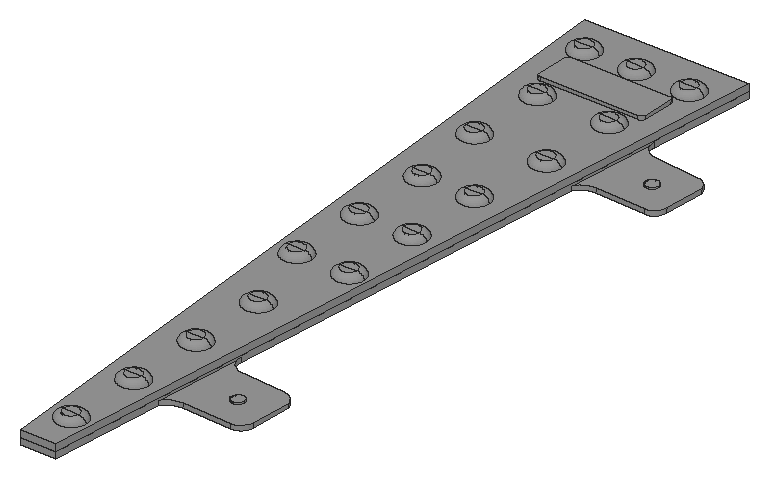
Revit family "Detectable-Warning-Surfaces_Cast-Iron-Dome-Tapered-Wedge-R15-5X24_ADA-Solutions", category Generic Models, host Floor, Revit 2026
Family settings
  Host = Floor
  Can host rebar = No
  Round Connector Dimension = Use Diameter
  Part Type = Normal
  Always vertical = Yes
  Cut with Voids When Loaded = No
  Maintain Annotation Orientation = No
  Shared = No
  Room Calculation Point = No
Parameters (values of type "ADA Yellow")
  Width = 24"
  URL = "https://adatile.com/"
  Specification = ""
  Product Page URL = "https://www.arcat.com/arcatcos/cos41/arc41776.html"
  Model = "Iron Dome Cast Iron"
  Manufacturer = "ADA Solutions"
  Length = 5"
  Keynote = "09 33 00"
  Default Elevation = 0"
  Copyright = "ARCAT"
  Color = ADA Yellow
  CAD Details = ""
Types (9): name | Color
  ADA Dark Gray | ADA Dark Gray
  ADA Black | ADA Black
  ADA Blue | ADA Blue
  ADA Yellow | ADA Yellow
  ADA Seattle Yellow | ADA Seattle Yellow
  ADA Safety Red | ADA Safety Red
  ADA White | ADA White
  ADA Clay Red | ADA Clay Red
  ADA Brick Red | ADA Brick Red
Reference planes (in)
  plane 1 "Center (Front/Back)": y = 0
  plane 2: z = 0
  plane 3 "Center (Left/Right)": x = 0
  plane 4: x = -2.5
  plane 5: y = 12
  plane 6: x = 2.5
  plane 7: y = -12
Forms (in)
  Extrusion 1, solid, material "ADA Yellow" <- "Color"
    sketch origin (0, 0, 0) x (1, 0, 0) y (0, 1, 0)
      loop
        line (-2.5, 12) -> (-0.53746, -12) -> (0.53746, -12) -> (2.5, 12) -> (-2.5, 12)
    from 0 to 0.2
  Extrusion 2, solid, material "ADA Yellow" <- "Color"
    sketch origin (0, 0, 0.2) x (1, 0, 0) y (0, 1, 0)
      loop
        line (-2.5, 12) -> (-0.53746, -12) -> (0.53746, -12) -> (2.5, 12) -> (-2.5, 12)
    from 0 to 0.2
  Blend 3, solid, material "ADA Yellow" <- "Color", not visible
    base sketch origin (12.54943, -13.50875, 0.37994) x (0.873976, 0.485969, 0) y (-0.485969, 0.873976, 0)
      loop
        circle (-13.84615, 10.8) r 0.45206
    top sketch origin (12.54943, -13.50875, 0.37994) x (0.873976, 0.485969, 0) y (-0.485969, 0.873976, 0)
      loop
        circle (-13.84615, 10.8) r 0.225
    from 0 to 0.19922
  Extrusion 4, solid, material "ADA Yellow" <- "Color"
    sketch origin (0, 0, 0) x (1, 0, 0) y (0, 1, 0)
      loop
        line (2.23359, 8.74202) -> (1.99758, 5.85591)
        arc (1.99758, 5.85591) -> (2.22301, 6.08133) -> (2.53363, 6.15304) r 0.57829
        line (2.53363, 6.15304) -> (4.06605, 6.07273)
        arc (4.06605, 6.07273) -> (4.33718, 6.18504) -> (4.44949, 6.45618) r 0.38344
        line (4.44949, 6.45618) -> (4.51491, 7.70446)
        arc (4.51491, 7.70446) -> (4.35482, 7.95576) -> (4.07954, 8.06979) r 0.49544
        line (4.07954, 8.06979) -> (2.58524, 8.20052)
        arc (2.58524, 8.20052) -> (2.32007, 8.41325) -> (2.23359, 8.74202) r 0.54243
      loop
        line (1.06265, -5.57746) -> (0.82664, -8.46358)
        arc (0.82664, -8.46358) -> (1.05207, -8.23816) -> (1.36269, -8.16645) r 0.57829
        line (1.36269, -8.16645) -> (2.89511, -8.24676)
        arc (2.89511, -8.24676) -> (3.16625, -8.13445) -> (3.27855, -7.86331) r 0.38344
        line (3.27855, -7.86331) -> (3.34397, -6.61502)
        arc (3.34397, -6.61502) -> (3.18388, -6.36373) -> (2.9086, -6.2497) r 0.49544
        line (2.9086, -6.2497) -> (1.41431, -6.11897)
        arc (1.41431, -6.11897) -> (1.14913, -5.90624) -> (1.06265, -5.57746) r 0.54243
    from 0 to 0.13
  Extrusion 5, void
    sketch origin (0, 0, 0) x (1, 0, 0) y (0, 1, 0)
      loop
        circle (3.45855, 7.12355) r 0.18478
      loop
        circle (2.28933, -7.23153) r 0.18478
    from 0 to 0.13
  Extrusion 6, solid, material "ADA Yellow" <- "Color"
    sketch origin (0, 0, 0) x (1, 0, 0) y (0, 1, 0)
      loop
        arc (-1.47861, 10.22764) -> (-1.56607, 10.19581) -> (-1.6126, 10.11521) r 0.13605
        line (-1.6126, 10.11521) -> (-1.6126, 9.14445)
        arc (-1.6126, 9.14445) -> (-1.56607, 9.06385) -> (-1.47861, 9.03202) r 0.13605
        line (-1.47861, 9.03202) -> (1.50986, 9.03202)
        arc (1.50986, 9.03202) -> (1.59732, 9.06385) -> (1.64385, 9.14445) r 0.13605
        line (1.64385, 9.14445) -> (1.64385, 10.11521)
        arc (1.64385, 10.11521) -> (1.59732, 10.19581) -> (1.50986, 10.22764) r 0.13605
        line (1.50986, 10.22764) -> (-1.47861, 10.22764)
    from 0.49419 to 0.4
  Extrusion 7, solid, material "ADA Yellow" <- "Color"
    sketch origin (7.17435, 0.23933, 0) x (1, 0, 0) y (0, 1, 0)
      loop
        circle (-3.71499, 6.88303) r 0.19866
      loop
        circle (-4.88538, -7.47198) r 0.19866
    from 0 to 0.15084
  Revolve 8, solid, material "ADA Yellow" <- "Color"
    sketch origin (0.47727, 10.83525, -4.79798) x (1, 0, 0) y (0, 0, 1)
      loop
        line (1.14124, 5.37478) -> (0.89322, 5.37478)
        arc (0.89322, 5.37478) -> (0.75575, 5.31212) -> (0.68625, 5.17798) r 0.23136
        line (0.68625, 5.17798) -> (1.14124, 5.17798) -> (1.14124, 5.37478)
      axis (1.14124, 5.37478) -> (1.14124, 5.17798)
    angle from 0 to 360
  Revolve 9, solid, material "ADA Yellow" <- "Color", not visible
    sketch origin (19.20141, 1.19882, 0) x (1, 0, 0) y (0, 0, 1)
      loop
        line (1.14124, 5.37478) -> (0.89322, 5.37478)
        arc (0.89322, 5.37478) -> (0.75575, 5.31212) -> (0.68625, 5.17798) r 0.23136
        line (0.68625, 5.17798) -> (1.14124, 5.17798) -> (1.14124, 5.37478)
      axis (1.14124, 5.37478) -> (1.14124, 5.17798)
    angle from 0 to 360
  Revolve 10, solid, material "ADA Yellow" <- "Color"
    sketch origin (-1.14124, 10.83525, -4.79798) x (1, 0, 0) y (0, 0, 1)
      loop
        line (1.14124, 5.37478) -> (0.89322, 5.37478)
        arc (0.89322, 5.37478) -> (0.75575, 5.31212) -> (0.68625, 5.17798) r 0.23136
        line (0.68625, 5.17798) -> (1.14124, 5.17798) -> (1.14124, 5.37478)
      axis (1.14124, 5.37478) -> (1.14124, 5.17798)
    angle from 0 to 360
  Revolve 11, solid, material "ADA Yellow" <- "Color"
    sketch origin (-2.71995, 10.83525, -4.79798) x (1, 0, 0) y (0, 0, 1)
      loop
        line (1.14124, 5.37478) -> (0.89322, 5.37478)
        arc (0.89322, 5.37478) -> (0.75575, 5.31212) -> (0.68625, 5.17798) r 0.23136
        line (0.68625, 5.17798) -> (1.14124, 5.17798) -> (1.14124, 5.37478)
      axis (1.14124, 5.37478) -> (1.14124, 5.17798)
    angle from 0 to 360
  Revolve 12, solid, material "ADA Yellow" <- "Color"
    sketch origin (-2.21995, 8.41871, -4.79798) x (1, 0, 0) y (0, 0, 1)
      loop
        line (1.14124, 5.37478) -> (0.89322, 5.37478)
        arc (0.89322, 5.37478) -> (0.75575, 5.31212) -> (0.68625, 5.17798) r 0.23136
        line (0.68625, 5.17798) -> (1.14124, 5.17798) -> (1.14124, 5.37478)
      axis (1.14124, 5.37478) -> (1.14124, 5.17798)
    angle from 0 to 360
  Revolve 13, solid, material "ADA Yellow" <- "Color"
    sketch origin (-0.03245, 8.41871, -4.79798) x (1, 0, 0) y (0, 0, 1)
      loop
        line (1.14124, 5.37478) -> (0.89322, 5.37478)
        arc (0.89322, 5.37478) -> (0.75575, 5.31212) -> (0.68625, 5.17798) r 0.23136
        line (0.68625, 5.17798) -> (1.14124, 5.17798) -> (1.14124, 5.37478)
      axis (1.14124, 5.37478) -> (1.14124, 5.17798)
    angle from 0 to 360
  Revolve 14, solid, material "ADA Yellow" <- "Color"
    sketch origin (-2.21995, 6.01766, -4.79798) x (1, 0, 0) y (0, 0, 1)
      loop
        line (1.14124, 5.37478) -> (0.89322, 5.37478)
        arc (0.89322, 5.37478) -> (0.75575, 5.31212) -> (0.68625, 5.17798) r 0.23136
        line (0.68625, 5.17798) -> (1.14124, 5.17798) -> (1.14124, 5.37478)
      axis (1.14124, 5.37478) -> (1.14124, 5.17798)
    angle from 0 to 360
  Revolve 15, solid, material "ADA Yellow" <- "Color"
    sketch origin (-0.03245, 6.01766, -4.79798) x (1, 0, 0) y (0, 0, 1)
      loop
        line (1.14124, 5.37478) -> (0.89322, 5.37478)
        arc (0.89322, 5.37478) -> (0.75575, 5.31212) -> (0.68625, 5.17798) r 0.23136
        line (0.68625, 5.17798) -> (1.14124, 5.17798) -> (1.14124, 5.37478)
      axis (1.14124, 5.37478) -> (1.14124, 5.17798)
    angle from 0 to 360
  Revolve 16, solid, material "ADA Yellow" <- "Color"
    sketch origin (-1.90211, 3.60631, -4.79798) x (1, 0, 0) y (0, 0, 1)
      loop
        line (1.14124, 5.37478) -> (0.89322, 5.37478)
        arc (0.89322, 5.37478) -> (0.75575, 5.31212) -> (0.68625, 5.17798) r 0.23136
        line (0.68625, 5.17798) -> (1.14124, 5.17798) -> (1.14124, 5.37478)
      axis (1.14124, 5.37478) -> (1.14124, 5.17798)
    angle from 0 to 360
  Revolve 17, solid, material "ADA Yellow" <- "Color"
    sketch origin (-0.29606, 3.60631, -4.79798) x (1, 0, 0) y (0, 0, 1)
      loop
        line (1.14124, 5.37478) -> (0.89322, 5.37478)
        arc (0.89322, 5.37478) -> (0.75575, 5.31212) -> (0.68625, 5.17798) r 0.23136
        line (0.68625, 5.17798) -> (1.14124, 5.17798) -> (1.14124, 5.37478)
      axis (1.14124, 5.37478) -> (1.14124, 5.17798)
    angle from 0 to 360
  Revolve 18, solid, material "ADA Yellow" <- "Color"
    sketch origin (-1.90211, 1.21832, -4.79798) x (1, 0, 0) y (0, 0, 1)
      loop
        line (1.14124, 5.37478) -> (0.89322, 5.37478)
        arc (0.89322, 5.37478) -> (0.75575, 5.31212) -> (0.68625, 5.17798) r 0.23136
        line (0.68625, 5.17798) -> (1.14124, 5.17798) -> (1.14124, 5.37478)
      axis (1.14124, 5.37478) -> (1.14124, 5.17798)
    angle from 0 to 360
  Revolve 19, solid, material "ADA Yellow" <- "Color"
    sketch origin (-0.29606, 1.21832, -4.79798) x (1, 0, 0) y (0, 0, 1)
      loop
        line (1.14124, 5.37478) -> (0.89322, 5.37478)
        arc (0.89322, 5.37478) -> (0.75575, 5.31212) -> (0.68625, 5.17798) r 0.23136
        line (0.68625, 5.17798) -> (1.14124, 5.17798) -> (1.14124, 5.37478)
      axis (1.14124, 5.37478) -> (1.14124, 5.17798)
    angle from 0 to 360
  Revolve 20, solid, material "ADA Yellow" <- "Color"
    sketch origin (-1.90211, -1.16967, -4.79798) x (1, 0, 0) y (0, 0, 1)
      loop
        line (1.14124, 5.37478) -> (0.89322, 5.37478)
        arc (0.89322, 5.37478) -> (0.75575, 5.31212) -> (0.68625, 5.17798) r 0.23136
        line (0.68625, 5.17798) -> (1.14124, 5.17798) -> (1.14124, 5.37478)
      axis (1.14124, 5.37478) -> (1.14124, 5.17798)
    angle from 0 to 360
  Revolve 21, solid, material "ADA Yellow" <- "Color"
    sketch origin (-0.29606, -1.16967, -4.79798) x (1, 0, 0) y (0, 0, 1)
      loop
        line (1.14124, 5.37478) -> (0.89322, 5.37478)
        arc (0.89322, 5.37478) -> (0.75575, 5.31212) -> (0.68625, 5.17798) r 0.23136
        line (0.68625, 5.17798) -> (1.14124, 5.17798) -> (1.14124, 5.37478)
      axis (1.14124, 5.37478) -> (1.14124, 5.17798)
    angle from 0 to 360
  Revolve 22, solid, material "ADA Yellow" <- "Color"
    sketch origin (-1.10999, -3.62779, -4.79798) x (1, 0, 0) y (0, 0, 1)
      loop
        line (1.14124, 5.37478) -> (0.89322, 5.37478)
        arc (0.89322, 5.37478) -> (0.75575, 5.31212) -> (0.68625, 5.17798) r 0.23136
        line (0.68625, 5.17798) -> (1.14124, 5.17798) -> (1.14124, 5.37478)
      axis (1.14124, 5.37478) -> (1.14124, 5.17798)
    angle from 0 to 360
  Revolve 23, solid, material "ADA Yellow" <- "Color"
    sketch origin (-1.10999, -6.00804, -4.79798) x (1, 0, 0) y (0, 0, 1)
      loop
        line (1.14124, 5.37478) -> (0.89322, 5.37478)
        arc (0.89322, 5.37478) -> (0.75575, 5.31212) -> (0.68625, 5.17798) r 0.23136
        line (0.68625, 5.17798) -> (1.14124, 5.17798) -> (1.14124, 5.37478)
      axis (1.14124, 5.37478) -> (1.14124, 5.17798)
    angle from 0 to 360
  Revolve 24, solid, material "ADA Yellow" <- "Color"
    sketch origin (-1.10999, -8.3883, -4.79798) x (1, 0, 0) y (0, 0, 1)
      loop
        line (1.14124, 5.37478) -> (0.89322, 5.37478)
        arc (0.89322, 5.37478) -> (0.75575, 5.31212) -> (0.68625, 5.17798) r 0.23136
        line (0.68625, 5.17798) -> (1.14124, 5.17798) -> (1.14124, 5.37478)
      axis (1.14124, 5.37478) -> (1.14124, 5.17798)
    angle from 0 to 360
  Revolve 25, solid, material "ADA Yellow" <- "Color"
    sketch origin (-1.10999, -10.76856, -4.79798) x (1, 0, 0) y (0, 0, 1)
      loop
        line (1.14124, 5.37478) -> (0.89322, 5.37478)
        arc (0.89322, 5.37478) -> (0.75575, 5.31212) -> (0.68625, 5.17798) r 0.23136
        line (0.68625, 5.17798) -> (1.14124, 5.17798) -> (1.14124, 5.37478)
      axis (1.14124, 5.37478) -> (1.14124, 5.17798)
    angle from 0 to 360
Cuts and joins
  Extrusion 5 cuts Extrusion 4
Dimensions and locks (in)
  equal spacing: host sketch curve, plane 1 "Center (Front/Back)", host sketch curve
  equal spacing: host sketch curve, plane 3 "Center (Left/Right)", host sketch curve
  host sketch curve to host sketch curve = 120"  (x2)
  "Length": plane 4 to plane 6
  equal spacing: plane 4, plane 3 "Center (Left/Right)", plane 6
  equal spacing: plane 5, plane 1 "Center (Front/Back)", plane 7
  "Width": plane 5 to plane 7
  aligned and locked: level to plane 2
  aligned and locked: Extrusion 1 to Extrusion 2  (x2)
  aligned and locked: plane 5 to Extrusion 2
  aligned and locked: plane 7 to Extrusion 2
  aligned and locked: cut or joined group of Extrusion 4, Extrusion 5 to Extrusion 2
Automatic sketch dimensions
  Revolve 8 sketch curve to Revolve 8 sketch curve = 0.20697"
  Revolve 8 sketch curve to Revolve 8 sketch curve = 0.22892"
  Revolve 8 sketch curve to Revolve 8 sketch curve = 0.22606"
  Revolve 8 sketch curve to Revolve 8 sketch curve = 0.03352"
  Revolve 8 sketch curve to Revolve 8 sketch curve = 0"  (x3)
  Revolve 9 sketch curve to Revolve 9 sketch curve = 0.20697"
  Revolve 9 sketch curve to Revolve 9 sketch curve = 0.22892"
  Revolve 9 sketch curve to Revolve 9 sketch curve = 0.22606"
  Revolve 9 sketch curve to Revolve 9 sketch curve = 0.03352"
  Revolve 9 sketch curve to Revolve 9 sketch curve = 0"  (x3)
  Revolve 10 sketch curve to Revolve 10 sketch curve = 0.20697"
  Revolve 10 sketch curve to Revolve 10 sketch curve = 0.22892"
  Revolve 10 sketch curve to Revolve 10 sketch curve = 0.22606"
  Revolve 10 sketch curve to Revolve 10 sketch curve = 0.03352"
  Revolve 10 sketch curve to Revolve 10 sketch curve = 0"  (x3)
  Revolve 11 sketch curve to Revolve 11 sketch curve = 0.20697"
  Revolve 11 sketch curve to Revolve 11 sketch curve = 0.22892"
  Revolve 11 sketch curve to Revolve 11 sketch curve = 0.22606"
  Revolve 11 sketch curve to Revolve 11 sketch curve = 0.03352"
  Revolve 11 sketch curve to Revolve 11 sketch curve = 0"  (x3)
  Revolve 12 sketch curve to Revolve 12 sketch curve = 0.20697"
  Revolve 12 sketch curve to Revolve 12 sketch curve = 0.22892"
  Revolve 12 sketch curve to Revolve 12 sketch curve = 0.22606"
  Revolve 12 sketch curve to Revolve 12 sketch curve = 0.03352"
  Revolve 12 sketch curve to Revolve 12 sketch curve = 0"  (x3)
  Revolve 13 sketch curve to Revolve 13 sketch curve = 0.20697"
  Revolve 13 sketch curve to Revolve 13 sketch curve = 0.22892"
  Revolve 13 sketch curve to Revolve 13 sketch curve = 0.22606"
  Revolve 13 sketch curve to Revolve 13 sketch curve = 0.03352"
  Revolve 13 sketch curve to Revolve 13 sketch curve = 0"  (x3)
  Revolve 14 sketch curve to Revolve 14 sketch curve = 0.20697"
  Revolve 14 sketch curve to Revolve 14 sketch curve = 0.22892"
  Revolve 14 sketch curve to Revolve 14 sketch curve = 0.22606"
  Revolve 14 sketch curve to Revolve 14 sketch curve = 0.03352"
  Revolve 14 sketch curve to Revolve 14 sketch curve = 0"  (x3)
  Revolve 15 sketch curve to Revolve 15 sketch curve = 0.20697"
  Revolve 15 sketch curve to Revolve 15 sketch curve = 0.22892"
  Revolve 15 sketch curve to Revolve 15 sketch curve = 0.22606"
  Revolve 15 sketch curve to Revolve 15 sketch curve = 0.03352"
  Revolve 15 sketch curve to Revolve 15 sketch curve = 0"  (x3)
  Revolve 16 sketch curve to Revolve 16 sketch curve = 0.20697"
  Revolve 16 sketch curve to Revolve 16 sketch curve = 0.22892"
  Revolve 16 sketch curve to Revolve 16 sketch curve = 0.22606"
  Revolve 16 sketch curve to Revolve 16 sketch curve = 0.03352"
  Revolve 16 sketch curve to Revolve 16 sketch curve = 0"  (x3)
  Revolve 17 sketch curve to Revolve 17 sketch curve = 0.20697"
  Revolve 17 sketch curve to Revolve 17 sketch curve = 0.22892"
  Revolve 17 sketch curve to Revolve 17 sketch curve = 0.22606"
  Revolve 17 sketch curve to Revolve 17 sketch curve = 0.03352"
  Revolve 17 sketch curve to Revolve 17 sketch curve = 0"  (x3)
  Revolve 18 sketch curve to Revolve 18 sketch curve = 0.20697"
  Revolve 18 sketch curve to Revolve 18 sketch curve = 0.22892"
  Revolve 18 sketch curve to Revolve 18 sketch curve = 0.22606"
  Revolve 18 sketch curve to Revolve 18 sketch curve = 0.03352"
  Revolve 18 sketch curve to Revolve 18 sketch curve = 0"  (x3)
  Revolve 19 sketch curve to Revolve 19 sketch curve = 0.20697"
  Revolve 19 sketch curve to Revolve 19 sketch curve = 0.22892"
  Revolve 19 sketch curve to Revolve 19 sketch curve = 0.22606"
  Revolve 19 sketch curve to Revolve 19 sketch curve = 0.03352"
  Revolve 19 sketch curve to Revolve 19 sketch curve = 0"  (x3)
  Revolve 20 sketch curve to Revolve 20 sketch curve = 0.20697"
  Revolve 20 sketch curve to Revolve 20 sketch curve = 0.22892"
  Revolve 20 sketch curve to Revolve 20 sketch curve = 0.22606"
  Revolve 20 sketch curve to Revolve 20 sketch curve = 0.03352"
  Revolve 20 sketch curve to Revolve 20 sketch curve = 0"  (x3)
  Revolve 21 sketch curve to Revolve 21 sketch curve = 0.20697"
  Revolve 21 sketch curve to Revolve 21 sketch curve = 0.22892"
  Revolve 21 sketch curve to Revolve 21 sketch curve = 0.22606"
  Revolve 21 sketch curve to Revolve 21 sketch curve = 0.03352"
  Revolve 21 sketch curve to Revolve 21 sketch curve = 0"  (x3)
  Revolve 22 sketch curve to Revolve 22 sketch curve = 0.20697"
  Revolve 22 sketch curve to Revolve 22 sketch curve = 0.22892"
  Revolve 22 sketch curve to Revolve 22 sketch curve = 0.22606"
  Revolve 22 sketch curve to Revolve 22 sketch curve = 0.03352"
  Revolve 22 sketch curve to Revolve 22 sketch curve = 0"  (x3)
  Revolve 23 sketch curve to Revolve 23 sketch curve = 0.20697"
  Revolve 23 sketch curve to Revolve 23 sketch curve = 0.22892"
  Revolve 23 sketch curve to Revolve 23 sketch curve = 0.22606"
  Revolve 23 sketch curve to Revolve 23 sketch curve = 0.03352"
  Revolve 23 sketch curve to Revolve 23 sketch curve = 0"  (x3)
  Revolve 24 sketch curve to Revolve 24 sketch curve = 0.20697"
  Revolve 24 sketch curve to Revolve 24 sketch curve = 0.22892"
  Revolve 24 sketch curve to Revolve 24 sketch curve = 0.22606"
  Revolve 24 sketch curve to Revolve 24 sketch curve = 0.03352"
  Revolve 24 sketch curve to Revolve 24 sketch curve = 0"  (x3)
  Revolve 25 sketch curve to Revolve 25 sketch curve = 0.20697"
  Revolve 25 sketch curve to Revolve 25 sketch curve = 0.22892"
  Revolve 25 sketch curve to Revolve 25 sketch curve = 0.22606"
  Revolve 25 sketch curve to Revolve 25 sketch curve = 0.03352"
  Revolve 25 sketch curve to Revolve 25 sketch curve = 0"  (x3)
  Extrusion 1 sketch curve to plane 4 = 0"
  plane 7 to Extrusion 1 sketch curve = 0"
  Extrusion 1 sketch curve to plane 5 = 0"
  Extrusion 1 sketch curve to plane 6 = 0"
  Extrusion 1 sketch curve to plane 3 "Center (Left/Right)" = 0.53746"
  plane 3 "Center (Left/Right)" to Extrusion 1 sketch curve = 0.53746"
  Extrusion 2 sketch curve to plane 4 = 0"
  plane 7 to Extrusion 2 sketch curve = 0"
  Extrusion 2 sketch curve to plane 5 = 0"
  Extrusion 2 sketch curve to plane 6 = 0"
  Extrusion 2 sketch curve to plane 3 "Center (Left/Right)" = 0.53746"
  plane 3 "Center (Left/Right)" to Extrusion 2 sketch curve = 0.53746"
  plane 3 "Center (Left/Right)" to Extrusion 4 sketch curve = 0.82664"
  plane 3 "Center (Left/Right)" to Extrusion 4 sketch curve = 1.06265"
  Extrusion 4 sketch curve to Extrusion 4 sketch curve = 0.50578"
  Extrusion 4 sketch curve to Extrusion 4 sketch curve = 0.03027"
  Extrusion 4 sketch curve to Extrusion 4 sketch curve = 0.35166"
  Extrusion 4 sketch curve to Extrusion 4 sketch curve = 0.5414"
  plane 6 to Extrusion 4 sketch curve = 0.50242"
  plane 6 to Extrusion 4 sketch curve = 0.26641"
  Extrusion 4 sketch curve to plane 6 = 0.00337"
  Extrusion 4 sketch curve to plane 6 = 0.03363"
  Extrusion 4 sketch curve to plane 6 = 0.08524"
  Extrusion 4 sketch curve to plane 6 = 0.27499"
  Extrusion 4 sketch curve to plane 6 = 0.36542"
  Extrusion 4 sketch curve to plane 6 = 0.39511"
  Extrusion 4 sketch curve to plane 6 = 0.4086"
  Extrusion 4 sketch curve to Extrusion 4 sketch curve = 0.38344"  (x2)
  Extrusion 4 sketch curve to Extrusion 4 sketch curve = 0.47856"  (x2)
  Extrusion 4 sketch curve to plane 6 = 1.53636"
  Extrusion 4 sketch curve to Extrusion 4 sketch curve = 0.02969"
  Extrusion 4 sketch curve to Extrusion 4 sketch curve = 0.04318"
  Extrusion 4 sketch curve to plane 7 = 3.25606"
  Extrusion 4 sketch curve to Extrusion 4 sketch curve = 0.28036"  (x2)
  Extrusion 4 sketch curve to Extrusion 4 sketch curve = 0.08031"  (x2)
  Extrusion 4 sketch curve to Extrusion 4 sketch curve = 1.12006"  (x2)
  Extrusion 4 sketch curve to Extrusion 4 sketch curve = 0.12823"  (x2)
  Extrusion 4 sketch curve to Extrusion 4 sketch curve = 0.13073"  (x2)
  Extrusion 4 sketch curve to Extrusion 4 sketch curve = 0.50816"  (x2)
  Extrusion 4 sketch curve to plane 1 "Center (Front/Back)" = 5.57555"
  plane 6 to Extrusion 5 sketch curve = 0.21067"
  Extrusion 5 sketch curve to plane 6 = 0.95855"
  Extrusion 5 sketch curve to plane 7 = 4.76847"
  Extrusion 5 sketch curve to plane 5 = 4.87645"
  plane 4 to Extrusion 6 sketch curve = 0.8874"
  Extrusion 6 sketch curve to Extrusion 6 sketch curve = 0.13399"  (x3)
  plane 6 to Extrusion 6 sketch curve = 0.99014"
  Extrusion 6 sketch curve to Extrusion 6 sketch curve = 0"
  Extrusion 6 sketch curve to plane 5 = 2.96798"
  Extrusion 6 sketch curve to Extrusion 6 sketch curve = 0.11243"  (x2)
  Extrusion 6 sketch curve to Extrusion 6 sketch curve = 0.92351"  (x2)
  Extrusion 6 sketch curve to Extrusion 6 sketch curve = 0.02363"
  plane 6 to Extrusion 7 sketch curve = 0.21103"
  Extrusion 7 sketch curve to plane 6 = 0.95936"
  Extrusion 7 sketch curve to plane 7 = 4.76735"
  Extrusion 7 sketch curve to plane 5 = 4.87764"
  radius of Extrusion 5 sketch curve = 0.18478"  (x2)
  radius of Extrusion 7 sketch curve = 0.19866"  (x2)
